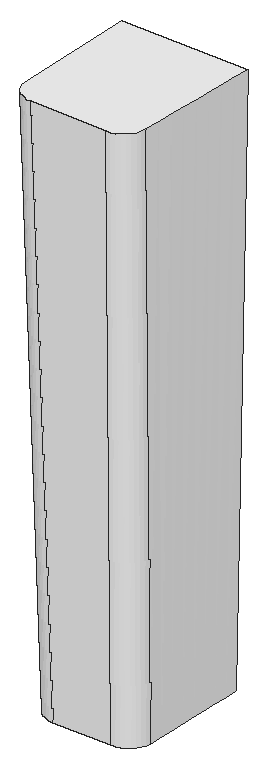
Revit family "Pedestal-WashBasinFullPedestal-Vitra-MetropolSeries_4457B003-0156", category Plumbing Fixtures, host Face, Revit 2017
Family settings
  Host = Face
  Round Connector Dimension = Use Diameter
  Part Type = Normal
  OmniClass Number = 23.45.05.14.14
  OmniClass Title = Sinks/Lavatories
  Cut with Voids When Loaded = No
  Shared = Yes
  Room Calculation Point = No
Parameters (values of type "Pedestal-WashBasinFullPedestal-Vitra-MetropolSeries_4457B003-0156")
  Youtube = "https://www.youtube.com/user/VitrAglobal"
  Weight Net (kg) = "13,1"
  Waste Connection = no
  Warranty Period (Year) = "10 Years"
  Vent Connection = no
  Uniformat II Description = "Plumbing Fixtures"
  Uniformat II Code = "D2010"
  Uniclass 2015 Name = "Pedestal wash basins"
  Uniclass 2015 Code = "Pr_40_20_96_63"
  Uniclass 2.0 Description = "Pedestal Wash Basins"
  Uniclass 1.4 Description = "Washbasins"
  Uniclass 2.0 Code = "PR-35-79-64"
  Uniclass 1.4 Code = "L7212"
  URL = "https://vitraglobal.com/"
  UNSPSC Description = ""
  UNSPSC Code = ""
  Technical description = "http://cdn.vitra.com.tr/501-4457B003-0156-2A.jpg"
  Tap hole Options (default) = ""
  Specification = ""
  Secondary Material = Ceramic-White
  Region South America = "All"
  Region Oceania = "All"
  Region North America = "All"
  Region Middle East = "All"
  Region Europe = "All"
  Region Asia = "All"
  Region Antarctica = "All"
  Region Africa = "All"
  Product group = "Metropole"
  Product family = "Floor Mounted Full Pedestal"
  Product data url = "https://www.vitra-bad.fr/fr/produits-sanitaires/page-de-detail/product/metropole-colonne-pour-lavabo-1.html"
  Product certification = "https://www.vitraglobal.com/brochures/"
  Product SKU = "4457B003-0156"
  Product Manual = ""
  Product Guid = ""
  NominalWidth = 175 mm
  NominalHeight = 750 mm
  Nominal Depth = 200 mm
  MountingType = "Floor Mounted"
  Main Material = "Ceramic"
  Help = ""
  HW Connection = no
  EAN code = ""
  Cost = 0
  OmniClass Description = "Sinks/Lavatories"
  OmniClass Code = "23.45.05.14.14"
  NBS Referans Description = "Pedestal Wash Basins"
  NBS Referans Code = "35-79-64"
  Model = "4457B003-0156"
  Masterformat 2014 Description = ""
  Masterformat 2014 Code = ""
  Manufacturer name = "Vitra"
  Manufacturer = "Vitra"
  Installation instructions = ""
  IFC Classification = "Sanitary Terminal"
  Design country = "Turkey"
  Description = "VitrA Metropole"
  Default Elevation = 0 mm
  Color = "White"
  CW Connection = no
  COBIe Type Category = ""
  Brand = "VitrA"
  BIMobject category = "Sanitary - Basins"
  Article No. (default) = "4457B003-0156"
  Accessories (default) = ""
Reference planes
  plane 1 "Center (Front/Back)": y = -30
  plane 2: z = 0.034
  plane 3 "Center (Left/Right)": x = 0
  plane 4: z = 750.034
  plane 5: y = 170
  plane 6: x = 87.23
  plane 7: x = -87.77
Forms (mm)
  Blend 1, solid, material "Ceramic-White" <- "Secondary Material"
    base sketch origin (0, 0, 0.034) x (1, 0, 0) y (0, 1, 0)
      loop
        line (69.109, 22.703) -> (69.109, 165.625) -> (-69.109, 165.625) -> (-69.109, 22.703)
        arc (-69.109, 22.703) -> (-59.974, 2.158) -> (-39.128, -6.269) r 29.999
        line (-39.128, -6.269) -> (39.128, -6.269)
        arc (39.128, -6.269) -> (59.974, 2.158) -> (69.109, 22.703) r 29.999
    top sketch origin (-86.046, -28.268, 750) x (0, -1, 0) y (1, 0, 0)
      loop
        line (-29.101, 166.444) -> (-193.893, 170.423) -> (-193.893, 1.668) -> (-29.101, 5.647)
        arc (-29.101, 5.647) -> (-8.478, 14.734) -> (-0.001, 35.615) r 29.999
        arc (-0.001, 35.615) -> (1.5, 86.046) -> (-0.001, 136.476) r 848.167
        arc (-0.001, 136.476) -> (-8.478, 157.357) -> (-29.101, 166.444) r 29.999
    from -0.034 to 0.034
Dimensions and locks
  "NominalHeight": plane 4 to host face
  "Nominal Depth": plane 1 "Center (Front/Back)" to plane 5
  "NominalWidth": plane 7 to plane 6
  aligned and locked: plane 2 to host face
  aligned and locked: level to host face
  aligned and locked: plane 4 to Blend 1
  aligned and locked: Blend 1 to level
Automatic sketch dimensions
  host sketch curve to host sketch curve = 2438.4 mm  (x2)
  Blend 1 sketch curve to plane 3 "Center (Left/Right)" = 39.128 mm
  plane 3 "Center (Left/Right)" to Blend 1 sketch curve = 39.128 mm
  Blend 1 sketch curve to plane 6 = 18.12 mm
  Blend 1 sketch curve to plane 1 "Center (Front/Back)" = 23.731 mm
  Blend 1 sketch curve to Blend 1 sketch curve = 28.972 mm
  Blend 1 sketch curve to Blend 1 sketch curve = 29.999 mm  (x3)
  Blend 1 sketch curve to plane 7 = 18.661 mm
  Blend 1 sketch curve to plane 5 = 4.375 mm  (x2)
  Blend 1 sketch curve to Blend 1 sketch curve = 0.017 mm  (x2)
  Blend 1 sketch curve to Blend 1 sketch curve = 84.378 mm
  Blend 1 sketch curve to Blend 1 sketch curve = 0 mm
  Blend 1 sketch curve to Blend 1 sketch curve = 0.899 mm  (x2)
  Blend 1 sketch curve to plane 3 "Center (Left/Right)" = 0 mm
  plane 5 to Blend 1 sketch curve = 648.399 mm
  Blend 1 sketch curve to plane 1 "Center (Front/Back)" = 31.732 mm
  Blend 1 sketch curve to plane 6 = 6.831 mm
  Blend 1 sketch curve to plane 7 = 3.393 mm
